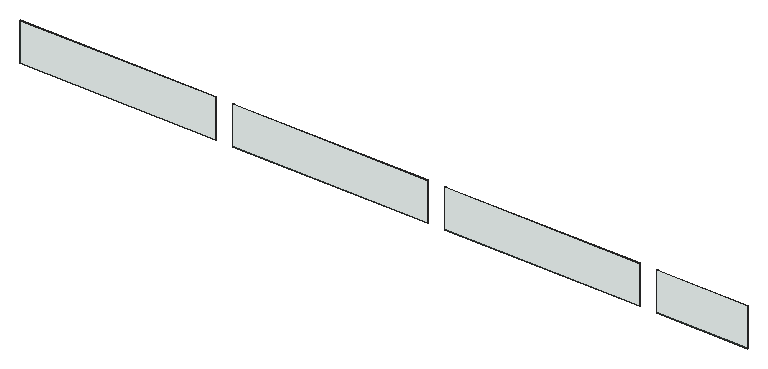
Revit family "Противоподкопное ограждение", category Специальное оборудование, Revit 2019
Family settings
  Размер круглого соединителя = Использовать диаметр
  Тип детали = Нормальный
  При загрузке вырезать с полостями = Нет
  Общий = Нет
  Точка расчета площади = Нет
Parameters (values of type "Для панелей 2400_пруток Ф16")
  Ширина резаной [instance] = if(not(Шаг последнего столба > 0 mm), 1 mm, Шаг последнего столба - Отступ * 2)  # 1050 mm
  Ширина панели = 2250 mm
  Ширина 1ой панели [instance] = if([built-in parameter 1001306] < Шаг панелей - Отступ * 2, 1 mm, Шаг панелей - Отступ * 2)  # 2250 mm
  Шаг панелей [instance] = 2440 mm
  Шаг последнего столба [instance] = if(if(not([built-in parameter 1001306] > Шаг панелей), [built-in parameter 1001306], [built-in parameter 1001306] - (rounddown([built-in parameter 1001306] / Шаг панелей) * Шаг панелей)) = 0 mm, Шаг панелей, if(not([built-in parameter 1001306] > Шаг панелей), [built-in parameter 1001306], [built-in parameter 1001306] - (rounddown([built-in parameter 1001306] / Шаг панелей) * Шаг панелей)))  # 1240 mm
  Пруток ф16 = yes
  Отступ [instance] = if((Шаг панелей - Ширина панели) / 2 < 0 mm, 1 mm, (Шаг панелей - Ширина панели) / 2)  # 95 mm
  Изготовитель = [ADSK_Завод-изготовитель]  # "FENSYS"
  built-in parameter 1001306 [instance] = 8560 mm
  Группа модели = "Противоподкоп"  # constant formula
  Высота панели [instance] = 450 mm
  D прутка = if(Пруток ф16, 16, 8)  # 16
  Видимость массива панелей [instance] = N панелей > 2  # yes
  Видимость 1ой панели [instance] = N панелей = 2  # no
  URL = "https://www.fensys.ru/produkciya/elementy-usileniya.html"
  N столбов в массиве [instance] = if((N панелей - 1) < 2, 2, N панелей - 1)  # 3
  N панелей в массиве [instance] = if(N панелей > 2, N панелей - 1, 2)  # 3
  N панелей [instance] = if([built-in parameter 1001306] > Шаг панелей, roundup([built-in parameter 1001306] / Шаг панелей), 1)  # 4
  ADSK_Размер_Длина [instance] = [built-in parameter 1001306]  # 8560 mm
  ADSK_Наименование = "Противоподкоп для панелей шириной 2400, Ф16"
  ADSK_Завод-изготовитель = "FENSYS"  # constant formula
  ADSK_Единица измерения = "м."  # constant formula
Types (10, lengths in mm): name | Ширина резаной | Ширина панели | Ширина 1ой панели | Шаг панелей | Шаг последнего столба | Пруток ф16 | Отступ | built-in parameter 1001306 | D прутка | Видимость массива панелей | Видимость 1ой панели | N столбов в массиве | N панелей в массиве | N панелей | ADSK_Размер_Длина | ADSK_Наименование
  Для панелей 2400_пруток Ф8 | 1050 | 2250 | 2250 | 2440 | 1240 | no | 95 | 8560 | 8 | yes | no | 3 | 3 | 4 | 8560 | "Противоподкоп для панелей шириной 2400, Ф8"
  Для панелей 2500_пруток Ф8 | 2320 | 2400 | 2400 | 2540 | 2460 | no | 70 | 5000 | 8 | no | yes | 2 | 2 | 2 | 5000 | "Противоподкоп для панелей шириной 2500, Ф8"
  Для панелей 3000_пруток Ф8 | 1770 | 2850 | 2850 | 3040 | 1960 | no | 95 | 5000 | 8 | no | yes | 2 | 2 | 2 | 5000 | "Противоподкоп для панелей шириной 3000, Ф8"
  Для панелей 3100_пруток Ф8 | 2130 | 3000 | 3000 | 3140 | 2270 | no | 70 | 8550 | 8 | yes | no | 2 | 2 | 3 | 8550 | "Противоподкоп для панелей шириной 3100, Ф8"
  Свободный размер_пруток Ф8 | 2350 | 3100 | 3100 | 3100 | 2350 | no | 0 | 8550 | 8 | yes | no | 2 | 2 | 3 | 8550 | "Противоподкоп для ширины 3100, Ф18"
  Для панелей 2400_пруток Ф16 | 1050 | 2250 | 2250 | 2440 | 1240 | yes | 95 | 8560 | 16 | yes | no | 3 | 3 | 4 | 8560 | "Противоподкоп для панелей шириной 2400, Ф16"
  Для панелей 2500_пруток Ф16 | 2320 | 2400 | 2400 | 2540 | 2460 | yes | 70 | 5000 | 16 | no | yes | 2 | 2 | 2 | 5000 | "Противоподкоп для панелей шириной 2500, Ф16"
  Для панелей 3000_пруток Ф16 | 1770 | 2850 | 2850 | 3040 | 1960 | yes | 95 | 5000 | 16 | no | yes | 2 | 2 | 2 | 5000 | "Противоподкоп для панелей шириной 3000, Ф16"
  Для панелей 3100_пруток Ф16 | 2130 | 3000 | 3000 | 3140 | 2270 | yes | 70 | 8550 | 16 | yes | no | 2 | 2 | 3 | 8550 | "Противоподкоп для панелей шириной 3100, Ф16"
  Свободный размер_пруток Ф16 | 2550 | 3000 | 3000 | 3000 | 2550 | yes | 0 | 8550 | 16 | yes | no | 2 | 2 | 3 | 8550 | "Противоподкоп для шириы 3000, Ф16"
Reference planes
  plane 1 "По центру (Вперед/Назад)": y = 0
  plane 2: z = 0
  plane 3 "Слева": x = 0
  plane 4 "Справа": x = 8560
  plane 5 "Верх стойки": z = -640
  plane 6: x = 2440
  plane 7: x = 4880
  plane 8 "ось предпоследнего столба": x = 7320
  plane 9: x = 95
  plane 10: x = 2535
  plane 11: x = 8465
Lines and regions (mm)
  reference lines
    curve 1: line (0, 0, 0) -> (8560, 0, 0)
Dimensions and locks
  "built-in parameter 1001306": plane 3 "Слева" to plane 4 "Справа"
  "Шаг панелей": plane 3 "Слева" to plane 6
  "Шаг панелей": plane 6 to plane 7
  "Шаг последнего столба": plane 8 "ось предпоследнего столба" to plane 4 "Справа"
  equal spacing: group 1, group 2, group 3  (x3)
  "Отступ": plane 3 "Слева" to plane 9
  "Отступ": plane 6 to plane 10
  "Отступ": plane 11 to plane 4 "Справа"
  aligned and locked: plane 4 "Справа" to curve 1
  aligned and locked: plane 1 "По центру (Вперед/Назад)" to curve 1
  aligned and locked: plane 3 "Слева" to curve 1
  aligned and locked: level to plane 2
  aligned and locked: curve 1 to nested 3
  aligned and locked: plane 1 "По центру (Вперед/Назад)" to nested 3
  aligned and locked: curve 1 to nested 2
  aligned and locked: plane 9 to nested 2
  aligned and locked: nested 4 to plane 10
  aligned and locked: plane 11 to nested 1
  aligned and locked: nested 3 to plane 9
Nested families
  nested 1: "В_Панель ПП" at (7940, 0, 0), ADSK_Размер_Высота <- "Высота панели", Размер прутка <- "D прутка", ADSK_Размер_Ширина <- "Ширина резаной", ADSK_Комплект <- "Группа модели", type "ПП"
    with Размер прутка 16, ADSK_Размер_Ширина 1050 mm, ADSK_Размер_Высота 450 mm, ADSK_Примечание "", ADSK_Наименование "Панель под подрезку", ADSK_Масса 0, ADSK_Комплект "Противоподкоп", ADSK_Код изделия ""
  nested 2: "В_Панель ПП" at (1220, 0, 0), ADSK_Размер_Высота <- "Высота панели", visible <- "Видимость массива панелей", Размер прутка <- "D прутка", ADSK_Размер_Ширина <- "Ширина панели", ADSK_Комплект <- "Группа модели", type "ПП"
    with Размер прутка 16, ADSK_Размер_Ширина 2250 mm, ADSK_Размер_Высота 450 mm, ADSK_Примечание "", ADSK_Наименование "Панель противоподкопного ограждения: HxW (450x2 250) мм, габариты (470x2274) мм, пруток 16/16 мм, ячейка 150x150, гор. прутков 4, вертикальных прутков 16", ADSK_Масса 27.537, ADSK_Комплект "Противоподкоп", ADSK_Код изделия "26152b"
  nested 3: "В_Панель ПП" at (1220, 0, 0), ADSK_Размер_Высота <- "Высота панели", visible <- "Видимость 1ой панели", Размер прутка <- "D прутка", ADSK_Размер_Ширина <- "Ширина 1ой панели", ADSK_Комплект <- "Группа модели", type "ПП"
    with Размер прутка 16, ADSK_Размер_Ширина 2250 mm, ADSK_Размер_Высота 450 mm, ADSK_Примечание "", ADSK_Наименование "Панель противоподкопного ограждения: HxW (450x2 250) мм, габариты (470x2274) мм, пруток 16/16 мм, ячейка 150x150, гор. прутков 4, вертикальных прутков 16", ADSK_Масса 27.537, ADSK_Комплект "Противоподкоп", ADSK_Код изделия "26152b"
  nested 4: "В_Панель ПП" at (3660, 0, 0), ADSK_Размер_Высота <- "Высота панели", visible <- "Видимость массива панелей", Размер прутка <- "D прутка", ADSK_Размер_Ширина <- "Ширина панели", ADSK_Комплект <- "Группа модели", type "ПП"
    with Размер прутка 16, ADSK_Размер_Ширина 2250 mm, ADSK_Размер_Высота 450 mm, ADSK_Примечание "", ADSK_Наименование "Панель противоподкопного ограждения: HxW (450x2 250) мм, габариты (470x2274) мм, пруток 16/16 мм, ячейка 150x150, гор. прутков 4, вертикальных прутков 16", ADSK_Масса 27.537, ADSK_Комплект "Противоподкоп", ADSK_Код изделия "26152b"
  nested 5: "В_Панель ПП" at (6100, 0, 0), ADSK_Размер_Высота <- "Высота панели", visible <- "Видимость массива панелей", Размер прутка <- "D прутка", ADSK_Размер_Ширина <- "Ширина панели", ADSK_Комплект <- "Группа модели", type "ПП"
    with Размер прутка 16, ADSK_Размер_Ширина 2250 mm, ADSK_Размер_Высота 450 mm, ADSK_Примечание "", ADSK_Наименование "Панель противоподкопного ограждения: HxW (450x2 250) мм, габариты (470x2274) мм, пруток 16/16 мм, ячейка 150x150, гор. прутков 4, вертикальных прутков 16", ADSK_Масса 27.537, ADSK_Комплект "Противоподкоп", ADSK_Код изделия "26152b"
Definition of nested family "В_Панель ПП"
  Parameters (values of type "ПП")
    Размер прутка [instance] = 0
    Таблица поиска = "Таблица ПП"  # constant formula
    Manufacturer = [ADSK_Завод-изготовитель]  # "FENSYS"
    URL = "https://www.fensys.ru/produkciya/3d-zabory.html"
    ADSK_Размер_Ширина [instance] = 2500 mm
    ADSK_Размер_Высота [instance] = 650 mm
    ADSK_Примечание [instance] = ""
    ADSK_Обозначение = "GUARD-T"  # constant formula
    ADSK_Наименование [instance] = size_lookup(Таблица поиска, "", "Панель под подрезку", ADSK_Размер_Высота, ADSK_Размер_Ширина, Размер прутка)  # "Панель под подрезку"
    ADSK_Материал = none
    ADSK_Масса [instance] = size_lookup(Таблица поиска, "ADSK_Масса", 0, ADSK_Размер_Высота, ADSK_Размер_Ширина, Размер прутка)  # 0
    ADSK_Комплект [instance] = ""
    ADSK_Код изделия [instance] = size_lookup(Таблица поиска, "ADSK_Код изделия", "", ADSK_Размер_Высота, ADSK_Размер_Ширина, Размер прутка)  # ""
    ADSK_Завод-изготовитель = "FENSYS"  # constant formula
    ADSK_Единица измерения = "шт."  # constant formula
  Reference planes
    plane 1 "По центру (Вперед/Назад)": y = 0
    plane 2 "Низ панели": z = 0
    plane 3 "По центру (Влево/Вправо)": x = 0
    plane 4: x = 1250
    plane 5: x = -1250
    plane 6 "Высота для крепежа": z = -650
  Forms (mm)
    Extrusion 1, solid, material <- "ADSK_Материал"
      sketch origin (-1175, 0, 0) x (1, 0, 0) y (0, 1, 0)
        loop
          line (-75, 4) -> (-75, -4) -> (2425, -4) -> (2425, 4) -> (-75, 4)
      from 0 to -650
  Dimensions and locks
    "ADSK_Размер_Ширина": plane 5 to plane 4
    "ADSK_Размер_Высота": plane 2 "Низ панели" to plane 6 "Высота для крепежа"
    equal spacing: plane 5, plane 3 "По центру (Влево/Вправо)", plane 4
    aligned and locked: level to plane 2 "Низ панели"
    aligned and locked: Extrusion 1 to plane 5  (x2)
    aligned and locked: plane 4 to Extrusion 1  (x2)
    aligned and locked: Extrusion 1 to plane 6 "Высота для крепежа"
    aligned and locked: level to Extrusion 1
  Automatic sketch dimensions
    plane 5 to Extrusion 1 sketch curve = 0 mm
    Extrusion 1 sketch curve to Extrusion 1 sketch curve = 2500 mm
    plane 1 "По центру (Вперед/Назад)" to Extrusion 1 sketch curve = 4 mm
    Extrusion 1 sketch curve to plane 1 "По центру (Вперед/Назад)" = 4 mm
